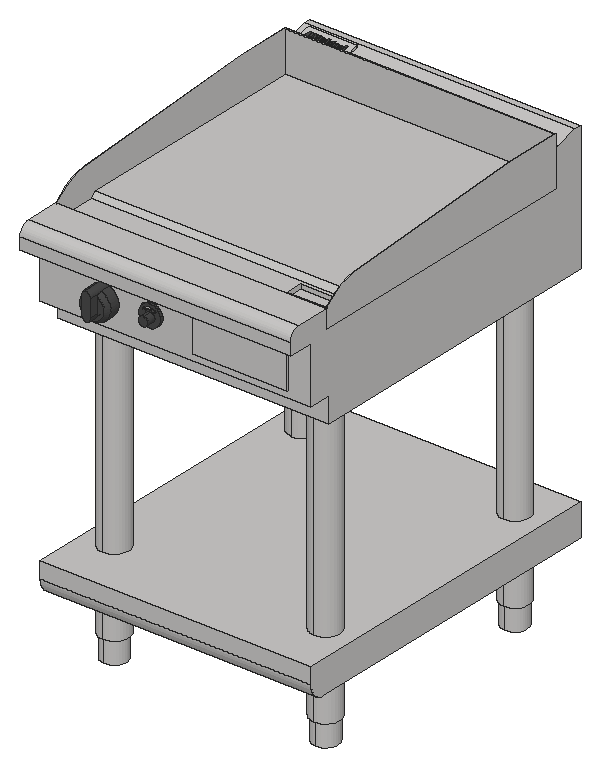
Revit family "QF_MOFFAT WALDORF_GPL8600G-LS", category Specialty Equipment, Revit 2012
Parameters
  Weight in Pounds = 238.099  # constant formula
  Width [instance] = 600.00 mm  # constant formula
  URL Cutsheet = "www.moffat.com"
  URL = "www.moffat.com"
  Type Mark [instance] = ""
  Status [instance] = ""
  Specification by User [instance] = ""
  Specification by Manufacturer = ""
  Show Logo [instance] = yes
  Show Casters [instance] = no
  Serial Number = ""
  Seismic Rating = ""
  SMACNA No = ""
  Revision Code [instance] = ""
  Omniclass Number and Title = ""
  NAFEM Spec ID Number = ""
  Model = "GPL8600G-LS"
  Mechanical Remarks = ""
  Mechanical Connection Type = ""
  Masterspec = ""
  Manufacturer = "MOFFAT WALDORF"
  Legs [instance] = not(Show Casters)  # yes
  Item Number [instance] = ""
  Installed By [instance] = ""
  Identify Quantity as Lot [instance] = yes
  Height = 970.00 mm  # constant formula
  Gas Size = 3/4"
  Gas RI Height = 0.00 mm
  Gas KW = 14.7
  Gas Input = 50234.0 Btu/h
  Gas Connection Height = 0.00 mm
  Furnished By [instance] = ""
  Foodservice Equipment Identifier [instance] = yes
  Description = "GRIDDLE PLATE LOW SPLASHBACK GAS ON LEG STAND"
  Depth [instance] = 805.00 mm  # constant formula
  CSI MasterFormat = ""
  CSI Master Format = ""
  Back Splash [instance] = 215.00 mm  # constant formula
Reference planes
  plane 1 "BACK": y = 0
  plane 2: z = 0
  plane 3 "LEFT": x = 0
  plane 4 "RIGHT": x = 600
  plane 5 "FRONT": y = -805
  plane 6 "TOP": z = 970
  plane 7 "Center Y": x = 300
  plane 8 "Center X": y = -402.5
  plane 9 "Base Height": z = 150
  plane 10: z = 915
  plane 11: x = 65
  plane 12: x = 534
  plane 13: y = -625
  plane 14: y = -100
  plane 15: x = 470
  plane 16: z = 655
  plane 17: y = -32
Forms (mm)
  Extrusion 1, solid, material "QF_Finishes_Stainless Steel"
    sketch origin (0, 0, 0) x (0, 1, 0) y (0, 0, 1)
      loop
        line (0, 222.5) -> (-749, 222.5) -> (-749, 188)
        arc (-749, 188) -> (-737.87, 161.13) -> (-711, 150) r 38
        line (-711, 150) -> (0, 150) -> (0, 222.5)
      loop
        line (-805, 891) -> (-805, 866) -> (-749, 866) -> (-749, 740) -> (-699, 740) -> (-699, 685) -> (0, 685) -> (0, 970) -> (-15, 970) -> (-61.106, 957.646)
        arc (-61.106, 957.646) -> (-67.52, 953.36) -> (-70, 946.055) r 12
        line (-70, 946.055) -> (-70, 875) -> (-705, 875) -> (-705, 915) -> (-781, 915)
        arc (-781, 915) -> (-797.971, 907.971) -> (-805, 891) r 24
    from 0 to 600
  Extrusion 2, solid, material "QF_Finishes_Stainless Steel"
    sketch origin (0, -699, 222.5) x (0, -1, 0) y (1, 0, 0)
      loop
        circle (-599, 65) r 31.75
      loop
        circle (-599, 534) r 31.75
      loop
        circle (-74, 65) r 31.75
      loop
        circle (-74, 534) r 31.75
    from 0 to 462.5
  Revolve 3, solid, material "QF_Finishes_Stainless Steel", visible <- "Legs"
    sketch origin (534, -210, 0) x (0, 1, 0) y (0, 0, -1)
      loop
        line (78.25, -150) -> (110, -150) -> (110, 0) -> (82.5, 0) -> (82.5, -50) -> (78.25, -50) -> (78.25, -150)
      axis (110, -150) -> (110, 0)
    angle from 0 to 360
  Revolve 4, solid, material "QF_Finishes_Stainless Steel"
    sketch origin (534, -735, 0) x (0, 1, 0) y (0, 0, -1)
      loop
        line (78.25, -150) -> (110, -150) -> (110, 0) -> (82.5, 0) -> (82.5, -50) -> (78.25, -50) -> (78.25, -150)
      axis (110, -150) -> (110, 0)
    angle from 0 to 360
  Revolve 5, solid, material "QF_Finishes_Stainless Steel", visible <- "Legs"
    sketch origin (65, -210, 0) x (0, 1, 0) y (0, 0, -1)
      loop
        line (78.25, -150) -> (110, -150) -> (110, 0) -> (82.5, 0) -> (82.5, -50) -> (78.25, -50) -> (78.25, -150)
      axis (110, -150) -> (110, 0)
    angle from 0 to 360
  Revolve 6, solid, material "QF_Finishes_Stainless Steel"
    sketch origin (65, -735, 0) x (0, 1, 0) y (0, 0, -1)
      loop
        line (78.25, -150) -> (110, -150) -> (110, 0) -> (82.5, 0) -> (82.5, -50) -> (78.25, -50) -> (78.25, -150)
      axis (110, -150) -> (110, 0)
    angle from 0 to 360
  Revolve 7, solid, material "QF_Finishes_Black"
    sketch origin (150, 0, 602.373) x (0, 1, 0) y (0, 0, -1)
      loop
        line (-782, -229.5) -> (-759, -229.5) -> (-759, -202) -> (-749, -202) -> (-749, -197) -> (-793, -197) -> (-793, -223.651) -> (-782, -229.5)
      axis (-793, -197) -> (-749, -197)
    angle from 0 to 360
  Extrusion 8, solid, material "QF_Finishes_Black"
    sketch origin (288.27, 0, 602.531) x (-1, 0, 0) y (0, 0, -1)
      loop
        arc (148.269, -184.969) -> (138.269, -174.969) -> (128.269, -184.969) r 10
        line (128.269, -184.969) -> (128.269, -223.969)
        arc (128.269, -223.969) -> (138.269, -233.969) -> (148.269, -223.969) r 10
        line (148.269, -223.969) -> (148.269, -184.969)
    from 759 to 808
  Extrusion 9, solid, material "QF_Finishes_Stainless Steel"
    sketch origin (0, -749, 866) x (0, 0, -1) y (1, 0, 0)
      loop
        line (24, 340) -> (111, 340) -> (111, 550) -> (24, 550) -> (24, 340)
    from 0 to 2.5
  Extrusion 10, solid, material "QF_Finishes_Stainless Steel"
    sketch origin (0, -751.5, 866) x (0, 0, -1) y (1, 0, 0)
      loop
        line (31, 550) -> (24, 550) -> (24, 340) -> (31, 340) -> (31, 550)
    from 0 to 5
  Extrusion 11, solid, material "QF_Finishes_Black"
    sketch origin (0, -749, 866) x (0, 0, -1) y (1, 0, 0)
      loop
        circle (66.25, 247.5) r 24
      loop
        arc (56.35, 262.413) -> (48.314, 247.625) -> (56.132, 232.719) r 17.868
        arc (56.132, 232.719) -> (56.612, 232.434) -> (57.127, 232.649) r 0.621
        arc (57.127, 232.649) -> (58.564, 235.208) -> (58.908, 238.122) r 7.495
        arc (58.908, 238.122) -> (58.704, 239.05) -> (58.256, 239.888) r 3.472
        arc (58.256, 239.888) -> (55.964, 247.351) -> (58.094, 254.862) r 13.786
        arc (58.094, 254.862) -> (58.734, 256.132) -> (58.999, 257.528) r 5.101
        arc (58.999, 257.528) -> (58.628, 260.047) -> (57.334, 262.239) r 6.611
        arc (57.334, 262.239) -> (56.872, 262.497) -> (56.35, 262.413) r 0.806
    from 0 to 5
  Extrusion 12, solid, material "QF_Finishes_Black"
    sketch origin (0, -754, 866) x (0, 0, -1) y (1, 0, 0)
      loop
        circle (69.75, 247.5) r 10
    from 0 to 18.251
  Extrusion 13, solid, material "QF_Finishes_Stainless Steel"
    sketch origin (0, -699, 685) x (1, 0, 0) y (0, -1, 0)
      loop
        circle (470, -667) r 13.5
    from 0 to 30
Cuts and joins
  joined: Extrusion 9, Extrusion 10
Lines and regions (mm)
  Split face 1
    outline origin (12.5, -17.878, 969.229) x (0, -0.965926, -0.258819) y (1, 0, 0)
      loop
        line (2.411, 151.462) -> (37.194, 151.462) -> (37.194, 169.241) -> (2.411, 169.241) -> (2.411, 151.462)
  Split face 2
    outline origin (66.25, -17.878, 969.229) x (0, -0.965926, -0.258819) y (1, 0, 0)
      loop
        line (2.411, 151.462) -> (37.194, 151.462) -> (37.194, 169.241) -> (2.411, 169.241) -> (2.411, 151.462)
  Split face 3
    outline origin (120, -17.878, 969.229) x (0, -0.965926, -0.258819) y (1, 0, 0)
      loop
        line (2.411, 151.462) -> (37.194, 151.462) -> (37.194, 169.241) -> (2.411, 169.241) -> (2.411, 151.462)
  Split face 4
    outline origin (173.75, -17.878, 969.229) x (0, -0.965926, -0.258819) y (1, 0, 0)
      loop
        line (2.411, 151.462) -> (37.194, 151.462) -> (37.194, 169.241) -> (2.411, 169.241) -> (2.411, 151.462)
  Split face 5
    outline origin (227.5, -17.878, 969.229) x (0, -0.965926, -0.258819) y (1, 0, 0)
      loop
        line (2.411, 151.462) -> (37.194, 151.462) -> (37.194, 169.241) -> (2.411, 169.241) -> (2.411, 151.462)
  Split face 6
    outline origin (281.25, -17.878, 969.229) x (0, -0.965926, -0.258819) y (1, 0, 0)
      loop
        line (2.411, 151.462) -> (37.194, 151.462) -> (37.194, 169.241) -> (2.411, 169.241) -> (2.411, 151.462)
  Split face 7
    outline origin (335, -17.878, 969.229) x (0, -0.965926, -0.258819) y (1, 0, 0)
      loop
        line (2.411, 151.462) -> (37.194, 151.462) -> (37.194, 169.241) -> (2.411, 169.241) -> (2.411, 151.462)
  symbolic lines
    curve 1: line (0, 0, 0) -> (0, -805, 0)
    curve 2: line (600, 0, 0) -> (0, 0, 0)
    curve 3: line (600, -805, 0) -> (600, 0, 0)
    curve 4: line (0, -70, 0) -> (600, -70, 0)
    curve 5: line (0, -805, 0) -> (600, -805, 0)
    curve 6: line (12.5, -20.958, 0) -> (121.5, -20.958, 0)
    curve 7: line (12.5, -51.234, 0) -> (12.5, -20.958, 0)
    curve 8: line (121.5, -20.958, 0) -> (121.5, -51.234, 0)
    curve 9: line (12.5, -51.234, 0) -> (121.5, -51.234, 0)
    curve 10: line (181.741, -21.168, 0) -> (181.741, -51.453, 0)
    curve 11: line (181.741, -51.453, 0) -> (163.962, -51.453, 0)
    curve 12: line (163.962, -51.453, 0) -> (163.962, -21.168, 0)
    curve 13: line (163.962, -21.168, 0) -> (181.741, -21.168, 0)
    curve 14: line (217.712, -51.453, 0) -> (217.712, -21.168, 0)
    curve 15: line (217.712, -21.168, 0) -> (235.491, -21.168, 0)
    curve 16: line (235.491, -21.168, 0) -> (235.491, -51.453, 0)
    curve 17: line (235.491, -51.453, 0) -> (217.712, -51.453, 0)
    curve 18: line (271.462, -51.453, 0) -> (271.462, -21.168, 0)
    curve 19: line (271.462, -21.168, 0) -> (289.241, -21.168, 0)
    curve 20: line (289.241, -21.168, 0) -> (289.241, -51.453, 0)
    curve 21: line (289.241, -51.453, 0) -> (271.462, -51.453, 0)
    curve 22: line (325.212, -21.168, 0) -> (325.212, -51.453, 0)
    curve 23: line (325.212, -51.453, 0) -> (342.991, -51.453, 0)
    curve 24: line (342.991, -51.453, 0) -> (342.991, -21.168, 0)
    curve 25: line (342.991, -21.168, 0) -> (325.212, -21.168, 0)
    curve 26: line (378.962, -51.453, 0) -> (378.962, -21.168, 0)
    curve 27: line (378.962, -21.168, 0) -> (396.741, -21.168, 0)
    curve 28: line (396.741, -21.168, 0) -> (396.741, -51.453, 0)
    curve 29: line (396.741, -51.453, 0) -> (378.962, -51.453, 0)
    curve 30: line (432.712, -21.168, 0) -> (432.712, -51.453, 0)
    curve 31: line (432.712, -51.453, 0) -> (450.491, -51.453, 0)
    curve 32: line (450.491, -51.453, 0) -> (450.491, -21.168, 0)
    curve 33: line (450.491, -21.168, 0) -> (432.712, -21.168, 0)
    curve 34: line (486.462, -51.453, 0) -> (486.462, -21.168, 0)
    curve 35: line (486.462, -21.168, 0) -> (504.241, -21.168, 0)
    curve 36: line (504.241, -21.168, 0) -> (504.241, -51.453, 0)
    curve 37: line (504.241, -51.453, 0) -> (486.462, -51.453, 0)
Dimensions and locks
  equal spacing: plane 3 "LEFT", plane 7 "Center Y", plane 4 "RIGHT"
  "Width": plane 3 "LEFT" to plane 4 "RIGHT"
  equal spacing: plane 5 "FRONT", plane 8 "Center X", plane 1 "BACK"
  "Depth": plane 5 "FRONT" to plane 1 "BACK"
  locked: plane 10 to level at 915
  locked: plane 9 "Base Height" to level at 150
  nested 1 to plane 6 "TOP" to nested 1 to plane 10 = 0.283 mm locked, 8.727 mm locked, 46.273 mm locked
  plane 13 to plane 14 = 525.00 mm
  plane 12 to plane 11 = 469.00 mm
  "Height": plane 6 "TOP" to level
  plane 15 to plane 4 "RIGHT" = 130.00 mm
  plane 16 to level = 655.00 mm
  plane 17 to plane 1 "BACK" = 32.00 mm
  aligned and locked: level to plane 2
Automatic sketch dimensions
  plane 1 "BACK" to curve 1 = 0.00 mm
  curve 1 to plane 3 "LEFT" = 0.00 mm
  curve 3 to plane 4 "RIGHT" = 0.00 mm
  plane 5 "FRONT" to curve 5 = 0.00 mm
  plane 3 "LEFT" to curve 6 = 12.50 mm
  plane 11 to curve 9 = 56.50 mm
  plane 14 to curve 4 = 30.00 mm
  curve 4 to curve 7 = 18.766 mm
  plane 1 "BACK" to curve 6 = 20.958 mm
  Extrusion 1 sketch curve to plane 5 "FRONT" = 0.00 mm
  Extrusion 1 sketch curve to plane 10 = 0.00 mm
  Extrusion 1 sketch curve to plane 9 "Base Height" = 0.00 mm
  Extrusion 1 sketch curve to plane 6 "TOP" = 0.00 mm
  Extrusion 1 sketch curve to plane 1 "BACK" = 0.00 mm  (x2)
  Extrusion 1 sketch curve to plane 5 "FRONT" = 24.00 mm
  Extrusion 1 sketch curve to plane 5 "FRONT" = 56.00 mm  (x2)
  Extrusion 1 sketch curve to Extrusion 1 sketch curve = 38.00 mm
  Extrusion 1 sketch curve to Extrusion 1 sketch curve = 44.00 mm
  Extrusion 1 sketch curve to Extrusion 1 sketch curve = 50.00 mm
  plane 14 to Extrusion 1 sketch curve = 30.00 mm
  Extrusion 1 sketch curve to Extrusion 1 sketch curve = 8.894 mm
  Extrusion 1 sketch curve to Extrusion 1 sketch curve = 3.106 mm
  Extrusion 1 sketch curve to Extrusion 1 sketch curve = 15.00 mm
  Extrusion 1 sketch curve to Extrusion 1 sketch curve = 72.50 mm
  Extrusion 1 sketch curve to plane 10 = 230.00 mm
  Extrusion 1 sketch curve to Extrusion 1 sketch curve = 55.00 mm
  Extrusion 1 sketch curve to Extrusion 1 sketch curve = 25.00 mm
  Extrusion 1 sketch curve to plane 10 = 40.00 mm
  Extrusion 1 sketch curve to plane 6 "TOP" = 23.945 mm
  Extrusion 2 sketch curve to Extrusion 2 sketch curve = 0.00 mm  (x8)
  Extrusion 1 to Extrusion 2 sketch curve = 68.25 mm  (x2)
  Extrusion 2 sketch curve to Extrusion 2 sketch curve = 31.75 mm  (x4)
  Extrusion 1 to Extrusion 2 sketch curve = 155.75 mm  (x2)
  Extrusion 1 to Extrusion 2 sketch curve = 65.00 mm  (x2)
  Extrusion 1 to Extrusion 2 sketch curve = 66.00 mm  (x2)
  Revolve 3 sketch curve to plane 9 "Base Height" = 0.00 mm
  Revolve 3 sketch curve to level = 0.00 mm
  Revolve 3 sketch curve to plane 14 = 0.00 mm  (x2)
  Revolve 3 sketch curve to plane 14 = 27.50 mm
  Revolve 3 sketch curve to plane 14 = 31.75 mm
  level to Revolve 3 sketch curve = 50.00 mm
  Revolve 3 sketch curve to Revolve 3 sketch curve = 0.00 mm
  Revolve 3 sketch curve to Revolve 3 sketch curve = 55.00 mm
  Revolve 4 sketch curve to plane 9 "Base Height" = 0.00 mm
  Revolve 4 sketch curve to level = 0.00 mm
  Revolve 4 sketch curve to plane 13 = 0.00 mm  (x2)
  Revolve 4 sketch curve to plane 13 = 27.50 mm
  Revolve 4 sketch curve to plane 13 = 31.75 mm
  level to Revolve 4 sketch curve = 50.00 mm
  Revolve 4 sketch curve to Revolve 4 sketch curve = 0.00 mm
  Revolve 4 sketch curve to Revolve 4 sketch curve = 55.00 mm
  Revolve 5 sketch curve to plane 9 "Base Height" = 0.00 mm
  Revolve 5 sketch curve to level = 0.00 mm
  Revolve 5 sketch curve to plane 14 = 0.00 mm  (x2)
  Revolve 5 sketch curve to plane 14 = 27.50 mm
  Revolve 5 sketch curve to plane 14 = 31.75 mm
  level to Revolve 5 sketch curve = 50.00 mm
  Revolve 5 sketch curve to Revolve 5 sketch curve = 0.00 mm
  Revolve 5 sketch curve to Revolve 5 sketch curve = 55.00 mm
  Revolve 6 sketch curve to plane 9 "Base Height" = 0.00 mm
  Revolve 6 sketch curve to level = 0.00 mm
  Revolve 6 sketch curve to plane 13 = 0.00 mm  (x2)
  Revolve 6 sketch curve to plane 13 = 27.50 mm
  Revolve 6 sketch curve to plane 13 = 31.75 mm
  level to Revolve 6 sketch curve = 50.00 mm
  Revolve 6 sketch curve to Revolve 6 sketch curve = 0.00 mm
  Revolve 6 sketch curve to Revolve 6 sketch curve = 55.00 mm
  Extrusion 1 to Split face 1 sketch curve = 5.391 mm
  Split face 1 sketch curve to Extrusion 1 = 7.559 mm
  Split face 1 sketch curve to Extrusion 1 = 163.962 mm
  Split face 1 sketch curve to Split face 1 sketch curve = 17.779 mm
  Extrusion 1 to Split face 2 sketch curve = 5.391 mm
  Split face 2 sketch curve to Extrusion 1 = 7.559 mm
  Split face 2 sketch curve to Extrusion 1 = 217.712 mm
  Split face 2 sketch curve to Split face 2 sketch curve = 17.779 mm
  Extrusion 1 to Split face 3 sketch curve = 5.391 mm
  Split face 3 sketch curve to Extrusion 1 = 7.559 mm
  Split face 3 sketch curve to Extrusion 1 = 271.462 mm
  Split face 3 sketch curve to Split face 3 sketch curve = 17.779 mm
  Extrusion 1 to Split face 4 sketch curve = 5.391 mm
  Split face 4 sketch curve to Extrusion 1 = 7.559 mm
  Split face 4 sketch curve to Extrusion 1 = 274.788 mm
  Split face 4 sketch curve to Split face 4 sketch curve = 17.779 mm
  Extrusion 1 to Split face 5 sketch curve = 5.391 mm
  Split face 5 sketch curve to Extrusion 1 = 7.559 mm
  Split face 5 sketch curve to Extrusion 1 = 221.038 mm
  Split face 5 sketch curve to Split face 5 sketch curve = 17.779 mm
  Extrusion 1 to Split face 6 sketch curve = 5.391 mm
  Split face 6 sketch curve to Extrusion 1 = 7.559 mm
  Split face 6 sketch curve to Extrusion 1 = 167.288 mm
  Split face 6 sketch curve to Split face 6 sketch curve = 17.779 mm
  Extrusion 1 to Split face 7 sketch curve = 5.391 mm
  Split face 7 sketch curve to Extrusion 1 = 7.559 mm
  Split face 7 sketch curve to Extrusion 1 = 113.538 mm
  Split face 7 sketch curve to Split face 7 sketch curve = 17.779 mm
  curve 8 to curve 12 = 42.462 mm
  curve 12 to curve 13 = 17.779 mm
  curve 12 to curve 8 = 0.219 mm
  plane 1 "BACK" to curve 10 = 21.168 mm
  curve 10 to curve 15 = 35.971 mm
  curve 14 to curve 17 = 17.779 mm
  curve 10 to curve 17 = 0.00 mm
  plane 1 "BACK" to curve 15 = 21.168 mm
  curve 18 to plane 7 "Center Y" = 28.538 mm
  curve 21 to plane 7 "Center Y" = 10.759 mm
  curve 16 to curve 18 = 0.00 mm
  plane 1 "BACK" to curve 20 = 21.168 mm
  plane 7 "Center Y" to curve 23 = 25.212 mm
  curve 22 to curve 25 = 17.779 mm
  plane 14 to curve 24 = 48.547 mm
  plane 1 "BACK" to curve 25 = 21.168 mm
  curve 24 to curve 27 = 35.971 mm
  curve 26 to curve 29 = 17.779 mm
  plane 14 to curve 29 = 48.547 mm
  plane 1 "BACK" to curve 26 = 21.168 mm
  curve 28 to curve 30 = 35.971 mm
  curve 30 to curve 33 = 17.779 mm
  plane 14 to curve 32 = 48.547 mm
  plane 1 "BACK" to curve 33 = 21.168 mm
  curve 31 to curve 34 = 35.971 mm
  curve 34 to curve 37 = 17.779 mm
  plane 14 to curve 37 = 48.547 mm
  plane 1 "BACK" to curve 34 = 21.168 mm
  Revolve 7 sketch curve to plane 5 "FRONT" = 12.00 mm
  Revolve 7 sketch curve to Revolve 7 sketch curve = 0.00 mm  (x2)
  Revolve 7 sketch curve to Revolve 7 sketch curve = 11.00 mm
  Revolve 7 sketch curve to Revolve 7 sketch curve = 12.70 mm
  Revolve 7 sketch curve to Revolve 7 sketch curve = 23.00 mm
  Revolve 7 sketch curve to Revolve 7 sketch curve = 10.00 mm
  plane 9 "Base Height" to Revolve 7 sketch curve = 681.873 mm
  Revolve 7 sketch curve to Revolve 7 sketch curve = 5.849 mm
  Revolve 7 sketch curve to Revolve 7 sketch curve = 27.50 mm
  Revolve 7 sketch curve to Revolve 7 sketch curve = 5.00 mm
  plane 11 to Extrusion 8 sketch curve = 95.001 mm
  Extrusion 8 sketch curve to Extrusion 8 sketch curve = 10.00 mm
  plane 9 "Base Height" to Extrusion 8 sketch curve = 676.50 mm
  plane 9 "Base Height" to Extrusion 8 sketch curve = 637.50 mm
  Extrusion 10 sketch curve to Extrusion 9 = 0.00 mm  (x2)
  Extrusion 9 to Extrusion 10 sketch curve = 0.00 mm
  Extrusion 10 sketch curve to Extrusion 9 = 7.00 mm
  Extrusion 1 to Extrusion 11 sketch curve = 51.437 mm
  Extrusion 11 sketch curve to Extrusion 11 sketch curve = 0.958 mm
  Extrusion 11 sketch curve to Extrusion 11 sketch curve = 1.509 mm
  Extrusion 11 sketch curve to Extrusion 11 sketch curve = 4.01 mm
  Extrusion 11 sketch curve to Extrusion 11 sketch curve = 0.685 mm
  Extrusion 11 sketch curve to Extrusion 11 sketch curve = 2.447 mm
  Extrusion 11 sketch curve to Extrusion 11 sketch curve = 0.524 mm
  Extrusion 11 sketch curve to Extrusion 11 sketch curve = 0.381 mm
  Extrusion 11 sketch curve to Extrusion 11 sketch curve = 0.472 mm
  Extrusion 11 sketch curve to Extrusion 11 sketch curve = 0.00 mm  (x5)
  Extrusion 11 sketch curve to Extrusion 11 sketch curve = 0.602 mm
  Extrusion 11 sketch curve to Extrusion 11 sketch curve = 4.19 mm
  Extrusion 11 sketch curve to Extrusion 11 sketch curve = 2.809 mm
  Extrusion 11 sketch curve to Extrusion 11 sketch curve = 0.652 mm
  Extrusion 11 sketch curve to Extrusion 11 sketch curve = 0.905 mm
  Extrusion 11 sketch curve to Extrusion 11 sketch curve = 8.087 mm
  Extrusion 11 sketch curve to Extrusion 11 sketch curve = 0.069 mm
  Extrusion 11 sketch curve to Extrusion 11 sketch curve = 3.50 mm
  Extrusion 1 to Extrusion 11 sketch curve = 232.649 mm
  Extrusion 11 sketch curve to Extrusion 11 sketch curve = 0.07 mm
  Extrusion 11 sketch curve to Extrusion 11 sketch curve = 7.606 mm
  Extrusion 11 sketch curve to Extrusion 11 sketch curve = 0.007 mm
  Extrusion 1 to Extrusion 9 sketch curve = 24.00 mm
  Extrusion 9 sketch curve to Extrusion 1 = 15.00 mm
  Extrusion 1 to Extrusion 9 sketch curve = 260.00 mm
  Extrusion 1 to Extrusion 9 sketch curve = 50.00 mm
  Extrusion 13 sketch curve to Extrusion 1 = 32.00 mm
  Extrusion 13 sketch curve to Extrusion 1 = 130.00 mm
  radius of Extrusion 12 sketch curve to Extrusion 11 = 3.786 mm
  radius of Extrusion 11 sketch curve = 24.00 mm
  radius of Extrusion 13 sketch curve = 13.50 mm
Nested families
  nested 1: "WALDORF-LOGO" at (12.5, -35.273, 948.036), visible <- "Show Logo", type "WALDORF-LOGO", detail levels medium+fine
    with Type Mark "", Status "", Specification by User "", Revision Code "", Item Number "", Installed By "", Identify Quantity as Lot yes, Furnished By "", Foodservice Equipment Identifier yes
  nested 2: "GPL8600G-LS-CASTERS" at (65, -127.5, 0), Show Casters <- "Show Casters", visible <- "Show Casters", type "GPL8600G-LS-CASTERS"
    with Type Mark "", Status "", Specification by User "", Show Casters no, Revision Code "", Item Number "", Installed By "", Identify Quantity as Lot yes, Furnished By "", Foodservice Equipment Identifier yes
  nested 3: "GPL8600G-LS-CASTERS" at (535, -127.5, 0), Show Casters <- "Show Casters", visible <- "Show Casters", type "GPL8600G-LS-CASTERS"
    with Type Mark "", Status "", Specification by User "", Show Casters no, Revision Code "", Item Number "", Installed By "", Identify Quantity as Lot yes, Furnished By "", Foodservice Equipment Identifier yes
  nested 4: "GAS GRIDDLE PLATE" at (0, -70, 874.5), type "GAS GRIDDLE PLATE"
    with Type Mark "", Status "", Specification by User "", Show Clearance yes, Revision Code "", Number of Poles 1, Mechanical Remarks "", Mechanical Connection Type "", Item Number "", Installed By "", Identify Quantity as Lot yes, Gas RI Height 0.00 mm, Gas KW 0, Gas Input 0.0 Btu/h, Furnished By "", Foodservice Equipment Identifier yes, Electrical Remarks "", Electric Connection Type "", Elec Conn RI Height 0.00 mm, Elec Conn Connection Height 0.00 mm
Connectors
  piping at (470, -32, 655)
    settings: on Extrusion 13, index 1, connector radius 0.37402", flow factor 0, pipe flow 0 GPM, pressure drop 0.00 psi, fitting loss kfactor 0, connector angle 0.00°, fixture units 0, engagement length 0.00 mm, flow configuration 1, flow direction 1, fitting loss method 0, system type 7, joint type 0, gender type 0, connector reference index -1, connector utility 0, adjustable connector no, is connector primary yes, fitting loss table "", connector description "GAS CONNECTION"
Definition of nested family "WALDORF-LOGO"
  Parameters (values of type "WALDORF-LOGO")
    Weight in Pounds = 0
    URL Cutsheet = ""
    Type Mark [instance] = ""
    Status [instance] = ""
    Specification by User [instance] = ""
    Specification by Manufacturer = ""
    Show Logo [instance] = yes
    Serial Number = ""
    Seismic Rating = ""
    SMACNA No = ""
    Revision Code [instance] = ""
    Omniclass Number and Title = ""
    NAFEM Spec ID Number = ""
    Masterspec = ""
    Item Number [instance] = ""
    Installed By [instance] = ""
    Identify Quantity as Lot [instance] = yes
    Furnished By [instance] = ""
    Foodservice Equipment Identifier [instance] = yes
    CSI MasterFormat = ""
    CSI Master Format = ""
  Reference planes
    plane 1 "BACK": y = 0
    plane 2: z = 0
    plane 3 "LEFT": x = 0
    plane 4 "RIGHT": x = 109
    plane 5 "FRONT": y = -1.588
    plane 6 "TOP": z = 34.14
    plane 7 "Center Y": x = 54.5
    plane 8 "Center X": y = -0.794
  Forms (mm)
    Extrusion 1, solid, material "QF_Finishes_Stainless Steel", visible <- "Show Logo"
      sketch origin (0, -16.844, 11.705) x (1, 0, 0) y (0, 0.964546, 0.263916)
        loop
          arc (5, 34.14) -> (1.464, 32.676) -> (0, 29.14) r 5
          line (0, 29.14) -> (0, 5)
          arc (0, 5) -> (1.464, 1.464) -> (5, 0) r 5
          line (5, 0) -> (104, 0)
          arc (104, 0) -> (107.536, 1.464) -> (109, 5) r 5
          line (109, 5) -> (109, 29.14)
          arc (109, 29.14) -> (107.536, 32.676) -> (104, 34.14) r 5
          line (104, 34.14) -> (5, 34.14)
      from 0 to 1.588
    Extrusion 2, solid, material "QF_Finishes_Black", visible <- "Show Logo"
      sketch origin (0, -17.263, 13.237) x (1, 0, 0) y (0, 0.964546, 0.263916)
        loop
          line (24.772, 23.214) -> (27.992, 10.301) -> (31.551, 10.301) -> (33.443, 17.364) -> (35.205, 10.301) -> (39.332, 10.301) -> (42.077, 23.214) -> (38.352, 23.214) -> (36.676, 15.33) -> (35, 23.214) -> (31.752, 23.214) -> (30.076, 15.33) -> (28.4, 23.214) -> (24.772, 23.214)
        loop
          line (42.272, 17.055) -> (45.703, 17.055)
          spline (45.703, 17.055) -> (45.741, 17.285) -> (45.852, 17.499) -> (46.028, 17.682) -> (46.258, 17.823) -> (46.526, 17.912) -> (46.813, 17.942) -> (47.1, 17.912) -> (47.368, 17.823) -> (47.597, 17.682) -> (47.774, 17.499) -> (47.884, 17.285) -> (47.922, 17.055)
          line (47.922, 17.055) -> (47.922, 16.222)
          arc (47.922, 16.222) -> (45.742, 16.014) -> (43.665, 15.317) r 9.604
          arc (43.665, 15.317) -> (41.924, 12.809) -> (43.665, 10.301) r 2.677
          arc (43.665, 10.301) -> (45.527, 10.353) -> (47.332, 10.816) r 8.365
          line (47.332, 10.816) -> (48.092, 11.105) -> (48.092, 10.301) -> (51.817, 10.301) -> (51.817, 17.055)
          spline (51.817, 17.055) -> (51.654, 17.821) -> (51.178, 18.535) -> (50.419, 19.148) -> (49.431, 19.619) -> (48.28, 19.914) -> (47.044, 20.015) -> (45.809, 19.914) -> (44.658, 19.619) -> (43.67, 19.148) -> (42.911, 18.535) -> (42.434, 17.821) -> (42.272, 17.055)
        loop
          line (53.151, 23.214) -> (53.151, 10.301) -> (57.37, 10.301) -> (57.37, 23.214) -> (53.151, 23.214)
        loop
          line (64.874, 23.214) -> (64.874, 18.857)
          arc (64.874, 18.857) -> (58.083, 15.11) -> (64.874, 11.363) r 4.429
          line (64.874, 11.363) -> (64.874, 10.301) -> (68.378, 10.301) -> (68.378, 23.214) -> (64.874, 23.214)
        loop
          arc (64.874, 16.083) -> (61.41, 14.987) -> (64.874, 13.891) r 1.905
          line (64.874, 13.891) -> (64.874, 16.083)
        loop
          circle (74.623, 15.223) r 5
        loop
          spline (74.623, 17.856) -> (74.355, 17.766) -> (74.105, 17.503) -> (73.891, 17.084) -> (73.726, 16.539) -> (73.623, 15.904) -> (73.588, 15.223) -> (73.623, 14.541) -> (73.726, 13.906) -> (73.891, 13.361) -> (74.105, 12.942) -> (74.355, 12.679) -> (74.623, 12.59)
          spline (74.623, 12.59) -> (74.891, 12.679) -> (75.141, 12.942) -> (75.355, 13.361) -> (75.52, 13.906) -> (75.623, 14.541) -> (75.659, 15.223) -> (75.623, 15.904) -> (75.52, 16.539) -> (75.355, 17.084) -> (75.141, 17.503) -> (74.891, 17.766) -> (74.623, 17.856)
        loop
          line (81.255, 19.813) -> (81.255, 10.301) -> (84.834, 10.301) -> (84.834, 14.176)
          arc (84.834, 14.176) -> (85.854, 16.093) -> (88.013, 16.32) r 2.313
          line (88.013, 16.32) -> (88.013, 19.813) -> (87.161, 19.813)
          arc (87.161, 19.813) -> (85.526, 19.266) -> (84.549, 17.844) r 2.717
          line (84.549, 17.844) -> (84.549, 19.813) -> (81.255, 19.813)
        loop
          line (90.249, 19.813) -> (88.91, 19.813) -> (88.91, 17.614) -> (90.249, 17.614) -> (90.249, 10.301) -> (93.998, 10.301) -> (93.998, 17.614) -> (95.418, 17.614) -> (95.418, 19.813) -> (93.998, 19.813)
          arc (93.998, 19.813) -> (94.414, 20.817) -> (95.418, 21.233) r 1.42
          line (95.418, 21.233) -> (95.418, 23.602) -> (93.317, 23.602)
          arc (93.317, 23.602) -> (91.343, 22.903) -> (90.249, 21.118) r 3.137
          line (90.249, 21.118) -> (90.249, 19.813)
        loop
          arc (15.241, 23.571) -> (8.392, 16.525) -> (15.241, 9.479) r 7.049
          line (15.241, 9.479) -> (15.241, 23.571)
        loop
          line (15.641, 23.571) -> (15.641, 9.479)
          arc (15.641, 9.479) -> (22.49, 16.525) -> (15.641, 23.571) r 7.049
        loop
          arc (47.922, 14.711) -> (46.266, 13.749) -> (47.922, 12.787) r 1.107
          line (47.922, 12.787) -> (47.922, 14.711)
      from 0 to 0.2
  Dimensions and locks
    equal spacing: plane 3 "LEFT", plane 7 "Center Y", plane 4 "RIGHT"
    plane 3 "LEFT" to plane 4 "RIGHT" = 109.00 mm
    equal spacing: plane 5 "FRONT", plane 8 "Center X", plane 1 "BACK"
    plane 5 "FRONT" to plane 1 "BACK" = 1.588 mm
    aligned and locked: level to plane 2
  Automatic sketch dimensions
    Extrusion 1 sketch curve to plane 3 "LEFT" = 0.00 mm
    Extrusion 1 sketch curve to plane 4 "RIGHT" = 0.00 mm
    plane 3 "LEFT" to Extrusion 1 sketch curve = 5.00 mm  (x2)
    plane 4 "RIGHT" to Extrusion 1 sketch curve = 5.00 mm
    Extrusion 1 sketch curve to Extrusion 1 sketch curve = 5.00 mm
    Extrusion 1 sketch curve to Extrusion 1 sketch curve = 24.14 mm
    Extrusion 2 sketch curve to Extrusion 2 sketch curve = 0.00 mm  (x14)
    Extrusion 2 sketch curve to Extrusion 1 = 15.241 mm
    Extrusion 2 sketch curve to Extrusion 2 sketch curve = 0.20 mm
    Extrusion 2 sketch curve to Extrusion 2 sketch curve = 0.40 mm
    Extrusion 2 sketch curve to Extrusion 2 sketch curve = 9.131 mm
    Extrusion 2 sketch curve to Extrusion 1 = 10.301 mm  (x2)
    Extrusion 2 sketch curve to Extrusion 2 sketch curve = 12.351 mm
    Extrusion 2 sketch curve to Extrusion 2 sketch curve = 3.628 mm
    Extrusion 2 sketch curve to Extrusion 2 sketch curve = 2.084 mm
    Extrusion 2 sketch curve to Extrusion 2 sketch curve = 3.559 mm
    Extrusion 2 sketch curve to Extrusion 1 = 10.926 mm  (x2)
    Extrusion 2 sketch curve to Extrusion 2 sketch curve = 3.352 mm  (x2)
    Extrusion 2 sketch curve to Extrusion 2 sketch curve = 3.367 mm
    Extrusion 2 sketch curve to Extrusion 2 sketch curve = 3.249 mm
    Extrusion 2 sketch curve to Extrusion 2 sketch curve = 3.654 mm
    Extrusion 2 sketch curve to Extrusion 1 = 15.33 mm
    Extrusion 2 sketch curve to Extrusion 2 sketch curve = 3.233 mm
    Extrusion 2 sketch curve to Extrusion 2 sketch curve = 4.128 mm
    Extrusion 2 sketch curve to Extrusion 2 sketch curve = 3.725 mm
    Extrusion 2 sketch curve to Extrusion 2 sketch curve = 5.596 mm
    Extrusion 2 sketch curve to Extrusion 2 sketch curve = 4.333 mm
    Extrusion 2 sketch curve to Extrusion 2 sketch curve = 1.394 mm
    Extrusion 2 sketch curve to Extrusion 2 sketch curve = 2.092 mm
    Extrusion 2 sketch curve to Extrusion 2 sketch curve = 0.936 mm
    Extrusion 2 sketch curve to Extrusion 2 sketch curve = 1.34 mm
    Extrusion 2 sketch curve to Extrusion 2 sketch curve = 1.109 mm
    Extrusion 2 sketch curve to Extrusion 2 sketch curve = 0.232 mm
    Extrusion 2 sketch curve to Extrusion 2 sketch curve = 2.731 mm
    Extrusion 2 sketch curve to Extrusion 2 sketch curve = 0.549 mm  (x2)
    Extrusion 2 sketch curve to Extrusion 2 sketch curve = 0.407 mm
    Extrusion 2 sketch curve to Extrusion 2 sketch curve = 0.76 mm
    Extrusion 2 sketch curve to Extrusion 2 sketch curve = 1.334 mm
    Extrusion 2 sketch curve to Extrusion 2 sketch curve = 4.219 mm
    Extrusion 2 sketch curve to Extrusion 2 sketch curve = 5.142 mm
    Extrusion 2 sketch curve to Extrusion 2 sketch curve = 0.803 mm
    Extrusion 2 sketch curve to Extrusion 2 sketch curve = 1.558 mm
    Extrusion 2 sketch curve to Extrusion 2 sketch curve = 3.504 mm
    Extrusion 2 sketch curve to Extrusion 2 sketch curve = 6.245 mm
    Extrusion 2 sketch curve to Extrusion 2 sketch curve = 6.632 mm
    Extrusion 2 sketch curve to Extrusion 2 sketch curve = 3.294 mm
    Extrusion 2 sketch curve to Extrusion 2 sketch curve = 3.579 mm
    Extrusion 2 sketch curve to Extrusion 2 sketch curve = 2.313 mm
    Extrusion 2 sketch curve to Extrusion 2 sketch curve = 2.612 mm
    Extrusion 2 sketch curve to Extrusion 2 sketch curve = 0.852 mm
    Extrusion 2 sketch curve to Extrusion 2 sketch curve = 0.897 mm
    Extrusion 2 sketch curve to Extrusion 2 sketch curve = 3.102 mm
    Extrusion 2 sketch curve to Extrusion 2 sketch curve = 1.338 mm
    Extrusion 2 sketch curve to Extrusion 2 sketch curve = 3.068 mm
    Extrusion 2 sketch curve to Extrusion 2 sketch curve = 0.681 mm
    Extrusion 2 sketch curve to Extrusion 2 sketch curve = 3.749 mm
    Extrusion 2 sketch curve to Extrusion 2 sketch curve = 1.42 mm
    Extrusion 2 sketch curve to Extrusion 2 sketch curve = 5.029 mm  (x2)
    Extrusion 2 sketch curve to Extrusion 1 = 9.479 mm
    Extrusion 2 sketch curve to Extrusion 2 sketch curve = 3.681 mm
    Extrusion 2 sketch curve to Extrusion 2 sketch curve = 0.515 mm
    Extrusion 2 sketch curve to Extrusion 2 sketch curve = 0.804 mm
    Extrusion 2 sketch curve to Extrusion 2 sketch curve = 1.062 mm
    Extrusion 2 sketch curve to Extrusion 2 sketch curve = 1.682 mm
    Extrusion 2 sketch curve to Extrusion 2 sketch curve = 2.508 mm
    Extrusion 2 sketch curve to Extrusion 2 sketch curve = 0.962 mm
    Extrusion 2 sketch curve to Extrusion 2 sketch curve = 2.528 mm
    Extrusion 2 sketch curve to Extrusion 2 sketch curve = 3.875 mm
    Extrusion 2 sketch curve to Extrusion 2 sketch curve = 1.096 mm
    Extrusion 2 sketch curve to Extrusion 2 sketch curve = 0.123 mm
    Extrusion 2 sketch curve to Extrusion 2 sketch curve = 4.922 mm
    Extrusion 2 sketch curve to Extrusion 2 sketch curve = 7.046 mm
    Extrusion 2 sketch curve to Extrusion 2 sketch curve = 0.833 mm
    Extrusion 2 sketch curve to Extrusion 2 sketch curve = 0.776 mm
    Extrusion 2 sketch curve to Extrusion 2 sketch curve = 2.034 mm
    Extrusion 2 sketch curve to Extrusion 2 sketch curve = 7.314 mm
    Extrusion 2 sketch curve to Extrusion 2 sketch curve = 1.295 mm
    Extrusion 2 sketch curve to Extrusion 2 sketch curve = 0.749 mm
    Extrusion 2 sketch curve to Extrusion 2 sketch curve = 2.633 mm
    Extrusion 2 sketch curve to Extrusion 2 sketch curve = 2.198 mm  (x2)
    Extrusion 2 sketch curve to Extrusion 2 sketch curve = 1.968 mm
    Extrusion 2 sketch curve to Extrusion 2 sketch curve = 0.653 mm
    Extrusion 2 sketch curve to Extrusion 2 sketch curve = 1.305 mm
    Extrusion 2 sketch curve to Extrusion 2 sketch curve = 4.357 mm
    Extrusion 2 sketch curve to Extrusion 2 sketch curve = 6.159 mm
    radius of Extrusion 2 sketch curve = 5.00 mm
Definition of nested family "GAS GRIDDLE PLATE"
  Parameters (values of type "GAS GRIDDLE PLATE_LOW")
    Weight in Pounds = 0
    Watts = 0 W
    Volts = 0 V
    URL Cutsheet = ""
    Type Mark [instance] = ""
    Status [instance] = ""
    Specification by User [instance] = ""
    Specification by Manufacturer = ""
    Show Clearance [instance] = yes
    Serial Number = ""
    Seismic Rating = ""
    SMACNA No = ""
    Revision Code [instance] = ""
    Phase = 1
    Omniclass Number and Title = ""
    Number of Poles [instance] = 1
    NAFEM Spec ID Number = ""
    Min Ckt Ampacity = 0 A
    Mechanical Remarks [instance] = ""
    Mechanical Connection Type [instance] = ""
    Max Overcurrent Protection = 0 A
    Masterspec = ""
    Item Number [instance] = ""
    Installed By [instance] = ""
    Identify Quantity as Lot [instance] = yes
    HP = ""
    Gas Size = 0"
    Gas RI Height [instance] = 0.00 mm
    Gas KW [instance] = 0
    Gas Input [instance] = 0.0 Btu/h
    Gas Connection Height = 0.00 mm
    Furnished By [instance] = ""
    Foodservice Equipment Identifier [instance] = yes
    FL Amps = 0 A
    Electrical Remarks [instance] = ""
    Electric Connection Type [instance] = ""
    Elec Conn RI Height [instance] = 0.00 mm
    Elec Conn Connection Height [instance] = 0.00 mm
    Cycle = 0 Hz
    Conn Plug = ""
    Conn Conduit = yes
    CSI MasterFormat = ""
    CSI Master Format = ""
    Apparent Power = if(Phase = 3, Volts * FL Amps * 1.73, Volts * FL Amps)  # 0 VA
  Reference planes
    plane 1 "BACK": y = 0
    plane 2: z = 0
    plane 3 "LEFT": x = 0
    plane 4 "RIGHT": x = 600
    plane 5 "FRONT": y = -634.4
    plane 6 "TOP": z = 142.5
    plane 7 "Center Y": x = 300
    plane 8 "Center X": y = -317.2
  Forms (mm)
    Extrusion 1, solid, material "QF_Finishes_Stainless Steel"
      sketch origin (0, 70.003, -874.5) x (0, 1, 0) y (0, 0, 1)
        loop
          line (-70, 875) -> (-70, 984.5) -> (-191.003, 984.5) -> (-626.368, 954.056)
          arc (-626.368, 954.056) -> (-652.773, 948.564) -> (-676.75, 936.215) r 100
          line (-676.75, 936.215) -> (-704.403, 916.852) -> (-704.403, 875) -> (-70, 875)
      from 0 to 1.8
    Extrusion 2, solid, material "QF_Finishes_Stainless Steel"
      sketch origin (600, 70.003, -874.5) x (0, -1, 0) y (0, 0, 1)
        loop
          line (70, 875) -> (704.403, 875) -> (704.403, 916.852) -> (676.75, 936.215)
          arc (676.75, 936.215) -> (652.773, 948.564) -> (626.368, 954.056) r 100
          line (626.368, 954.056) -> (191.003, 984.5) -> (70, 984.5) -> (70, 875)
      from 0 to 1.2
    Extrusion 3, solid, material "QF_Finishes_Stainless Steel"
      sketch origin (150, 70.003, -874.5) x (0, 1, 0) y (0, 0, 1)
        loop
          line (-70, 895) -> (-601, 895) -> (-611.5, 884.5) -> (-704.403, 884.5) -> (-704.403, 875) -> (-70, 875) -> (-70, 895)
      from -148.2 to 448.8
    Extrusion 4, void
      sketch origin (150, -541.497, 10) x (0, -1, 0) y (1, 0, 0)
        loop
          line (10, 414.3) -> (10, 325.8) -> (48.5, 325.8) -> (48.5, 414.3) -> (10, 414.3)
      from -41.4 to 40.142
    Extrusion 5, solid, material "QF_Finishes_Stainless Steel"
      sketch origin (150, 0.003, 211.574) x (0, 0, -1) y (1, 0, 0)
        loop
          line (101.574, -148.2) -> (191.074, -148.2) -> (191.074, 448.8) -> (101.574, 448.8) -> (101.574, -148.2)
      from 0 to 1.683
  Cuts and joins
    Extrusion 4 cuts Extrusion 3
  Lines and regions (mm)
    symbolic lines
      curve 1: line (598.8, -530.997, 0) -> (1.8, -530.997, 0)
      curve 2: line (1.8, -541.497, 0) -> (598.8, -541.497, 0)
      curve 3: line (475.8, -551.497, 0) -> (475.8, -589.997, 0)
      curve 4: line (475.8, -589.997, 0) -> (564.3, -589.997, 0)
      curve 5: line (564.3, -589.997, 0) -> (564.3, -551.497, 0)
      curve 6: line (564.3, -551.497, 0) -> (475.8, -551.497, 0)
      curve 7: line (1.8, -1.68, 0) -> (598.8, -1.68, 0)
      curve 8: line (598.8, 0, 0) -> (598.8, -634.4, 0)
      curve 9: line (1.8, -634.4, 0) -> (1.8, 0, 0)
      curve 10: line (1.8, -634.4, 0) -> (598.8, -634.4, 0)
  Dimensions and locks
    equal spacing: plane 3 "LEFT", plane 7 "Center Y", plane 4 "RIGHT"
    plane 3 "LEFT" to plane 4 "RIGHT" = 600.00 mm
    equal spacing: plane 5 "FRONT", plane 8 "Center X", plane 1 "BACK"
    plane 5 "FRONT" to plane 1 "BACK" = 634.40 mm
    aligned and locked: level to plane 2
  Automatic sketch dimensions
    plane 1 "BACK" to Extrusion 1 sketch curve = 634.40 mm
    level to Extrusion 1 sketch curve = 0.50 mm
    level to Extrusion 2 sketch curve = 0.50 mm
    plane 1 "BACK" to Extrusion 3 sketch curve = 634.40 mm
    level to Extrusion 3 sketch curve = 10.00 mm
    plane 1 "BACK" to Extrusion 3 sketch curve = 541.497 mm
    Extrusion 3 sketch curve to Extrusion 3 sketch curve = 10.50 mm
    level to Extrusion 3 sketch curve = 0.50 mm
    Extrusion 3 sketch curve to Extrusion 3 sketch curve = 531.00 mm
    level to Extrusion 3 sketch curve = 20.50 mm
    Extrusion 3 to Extrusion 4 sketch curve = 10.00 mm
    Extrusion 4 sketch curve to Extrusion 4 sketch curve = 38.50 mm
    Extrusion 3 to Extrusion 4 sketch curve = 123.00 mm
    Extrusion 3 to Extrusion 4 sketch curve = 34.50 mm
    plane 3 "LEFT" to Extrusion 5 sketch curve = 598.80 mm
    Extrusion 5 sketch curve to plane 6 "TOP" = 32.50 mm
    level to Extrusion 5 sketch curve = 20.50 mm
    Extrusion 5 sketch curve to Extrusion 5 sketch curve = 597.00 mm
    plane 5 "FRONT" to curve 10 = 0.00 mm
    plane 3 "LEFT" to curve 1 = 1.80 mm
    curve 4 to plane 5 "FRONT" = 44.403 mm
    plane 4 "RIGHT" to curve 4 = 124.20 mm
    plane 4 "RIGHT" to curve 5 = 35.70 mm
    plane 4 "RIGHT" to curve 8 = 1.20 mm
    curve 3 to curve 3 = 38.50 mm
    curve 9 to curve 2 = 92.903 mm
    curve 2 to curve 1 = 10.50 mm
    plane 1 "BACK" to curve 9 = 0.00 mm
    curve 7 to curve 9 = 0.00 mm
    plane 1 "BACK" to curve 8 = 0.00 mm
    plane 4 "RIGHT" to curve 7 = 1.20 mm
    plane 1 "BACK" to curve 7 = 1.68 mm
    Extrusion 2 sketch curve to Extrusion 2 sketch curve = 41.852 mm
    Extrusion 2 sketch curve to plane 6 "TOP" = 32.50 mm
    Extrusion 2 sketch curve to level = 20.20 mm
    Extrusion 2 sketch curve to plane 5 "FRONT" = 85.011 mm
    Extrusion 2 sketch curve to plane 5 "FRONT" = 78.035 mm
    Extrusion 2 sketch curve to plane 5 "FRONT" = 27.653 mm
    Extrusion 2 sketch curve to Extrusion 2 sketch curve = 19.363 mm
    plane 1 "BACK" to Extrusion 2 sketch curve = 121.00 mm
    Extrusion 2 sketch curve to plane 1 "BACK" = 0.003 mm
    plane 5 "FRONT" to Extrusion 2 sketch curve = 0.00 mm
    Extrusion 1 sketch curve to plane 1 "BACK" = 0.003 mm
    Extrusion 1 sketch curve to Extrusion 1 sketch curve = 41.852 mm
    Extrusion 1 sketch curve to plane 5 "FRONT" = 27.653 mm
    Extrusion 1 sketch curve to Extrusion 1 sketch curve = 19.363 mm
    Extrusion 1 sketch curve to Extrusion 1 sketch curve = 50.382 mm
    Extrusion 1 sketch curve to level = 20.20 mm
    Extrusion 1 sketch curve to plane 5 "FRONT" = 85.011 mm
    Extrusion 1 sketch curve to plane 6 "TOP" = 32.50 mm
    plane 1 "BACK" to Extrusion 1 sketch curve = 121.00 mm
Definition of nested family "GPL8600G-LS-CASTERS"
  Parameters (values of type "BT8600-LS-CASTERS")
    Weight = ""
    URL Manufacturer = ""
    URL Cutsheet = ""
    URL = ""
    Type Mark [instance] = ""
    Status [instance] = ""
    Specification by User [instance] = ""
    Specification by Manufacturer = ""
    Show Casters [instance] = no
    Serial Number = ""
    Seismic Rating = ""
    SMACNA No = ""
    Revision Code [instance] = ""
    Omniclass Number and Title = ""
    NAFEM Spec ID Number = ""
    Model = ""
    MasterSpec. = ""
    Manufacturer = ""
    Item Number [instance] = ""
    Installed By [instance] = ""
    Identify Quantity as Lot [instance] = yes
    Furnished By [instance] = ""
    Foodservice Equipment Identifier [instance] = yes
    Description = ""
    CSI MasterFormat = ""
    CSI Master Format = ""
    Assembly Code = ""
  Reference planes
    plane 1: z = 0
    plane 2 "RIGHT": x = 0
    plane 3 "FRONT": y = 0
    plane 4 "Base Height": z = 150
  Forms (mm)
    Revolve 1, solid, material "QF_Finishes_Stainless Steel", visible <- "Show Casters"
      sketch origin (0, 56.335, 0) x (0, 1, 0) y (0, 0, 1)
        loop
          line (-56.335, 152.4) -> (-56.335, 141.118) -> (-23.798, 141.118) -> (-23.798, 152.4) -> (-56.335, 152.4)
        axis (-56.335, 141.118) -> (-56.335, 152.4)
      angle from 0 to 360
    Extrusion 2, solid, material "QF_Finishes_Stainless Steel", visible <- "Show Casters"
      sketch origin (-46.049, 56.335, 0) x (0, 1, 0) y (0, 0, 1)
        loop
          line (-85.799, 141.118) -> (-85.799, 133.498) -> (-82.136, 133.498)
          arc (-82.136, 133.498) -> (-79.344, 132.328) -> (-77.146, 130.248) r 8.432
          line (-77.146, 130.248) -> (-39.502, 49.52)
          arc (-39.502, 49.52) -> (-13.784, 46.107) -> (-5.673, 70.75) r 20.32
          arc (-5.673, 70.75) -> (-7.065, 73.611) -> (-8.887, 76.22) r 20.32
          arc (-8.887, 76.22) -> (-9.399, 85.377) -> (-6.626, 94.119) r 25.4
          line (-6.626, 94.119) -> (8.003, 121.632)
          arc (8.003, 121.632) -> (-2.347, 126.31) -> (-13.34, 129.167) r 66.802
          line (-13.34, 129.167) -> (-13.765, 133.498) -> (-26.871, 133.498) -> (-26.871, 141.118) -> (-85.799, 141.118)
      from 20.058 to 22.923
    Extrusion 3, solid, material "QF_Finishes_Stainless Steel", visible <- "Show Casters"
      sketch origin (3.326, 56.335, 0) x (0, 1, 0) y (0, 0, 1)
        loop
          line (-85.799, 141.118) -> (-85.799, 133.498) -> (-82.136, 133.498)
          arc (-82.136, 133.498) -> (-79.344, 132.328) -> (-77.146, 130.248) r 8.432
          line (-77.146, 130.248) -> (-39.502, 49.52)
          arc (-39.502, 49.52) -> (-13.784, 46.107) -> (-5.673, 70.75) r 20.32
          arc (-5.673, 70.75) -> (-7.065, 73.611) -> (-8.887, 76.22) r 20.32
          arc (-8.887, 76.22) -> (-9.399, 85.377) -> (-6.626, 94.119) r 25.4
          line (-6.626, 94.119) -> (8.003, 121.632)
          arc (8.003, 121.632) -> (-2.347, 126.31) -> (-13.34, 129.167) r 66.802
          line (-13.34, 129.167) -> (-13.765, 133.498) -> (-26.871, 133.498) -> (-26.871, 141.118) -> (-85.799, 141.118)
      from 20.058 to 22.923
    Extrusion 4, solid, material "QF_Finishes_Stainless Steel", visible <- "Show Casters"
      sketch origin (-49.224, 56.335, 0) x (0, 1, 0) y (0, 0, 1)
        loop
          line (-85.799, 141.118) -> (-85.799, 133.498) -> (-82.136, 133.498) -> (-18.877, 127.964) -> (7.14, 120.01) -> (8.003, 121.632)
          arc (8.003, 121.632) -> (-2.347, 126.31) -> (-13.34, 129.167) r 66.802
          line (-13.34, 129.167) -> (-13.765, 133.498) -> (-26.871, 133.498) -> (-26.871, 141.118) -> (-85.799, 141.118)
      from 26.098 to 72.56
    Revolve 5, solid, material "QF_Finishes_Stainless Steel", visible <- "Show Casters"
      sketch origin (-49.224, 30.821, 0) x (1, 0, 0) y (0, 0, 1)
        loop
          line (14.841, 63.604) -> (83.584, 63.604) -> (83.584, 67.109) -> (82.314, 68.379) -> (80.79, 68.379) -> (80.79, 71.826) -> (68.644, 71.826) -> (68.644, 81.79) -> (65.088, 83.843) -> (61.683, 104.879) -> (65.881, 104.879) -> (65.881, 111.229) -> (65.088, 111.229) -> (65.088, 117.579)
          arc (65.088, 117.579) -> (62.298, 124.314) -> (55.563, 127.104) r 9.525
          line (55.563, 127.104) -> (42.863, 127.104)
          arc (42.863, 127.104) -> (36.127, 124.314) -> (33.338, 117.579) r 9.525
          line (33.338, 117.579) -> (33.338, 111.229) -> (32.544, 111.229) -> (32.544, 104.879) -> (36.742, 104.879) -> (33.352, 83.932) -> (29.782, 81.871) -> (29.782, 71.826) -> (17.635, 71.826) -> (17.635, 68.379) -> (16.111, 68.379) -> (14.841, 67.109) -> (14.841, 63.604)
        axis (14.841, 63.604) -> (83.584, 63.604)
      angle from 0 to 360
  Cuts and joins
    joined: Extrusion 2, Extrusion 3, Extrusion 4
  Lines and regions (mm)
    symbolic lines, style "SpecialityEquipmentHiddenLines", visible <- "Show Casters"
      curve 1: line (18.009, 67.053, 0) -> (45.595, 51.127, 0)
      curve 2: line (-45.491, -42.932, 0) -> (18.009, 67.053, 0)
      curve 3: line (-17.905, -58.859, 0) -> (-45.491, -42.932, 0)
      curve 4: line (45.595, 51.127, 0) -> (-17.905, -58.859, 0)
  Dimensions and locks
    plane 4 "Base Height" to level = 150.00 mm  (x2)
    Revolve 5 sketch curve to Revolve 5 sketch curve = 63.50 mm
    aligned and locked: level to plane 1
